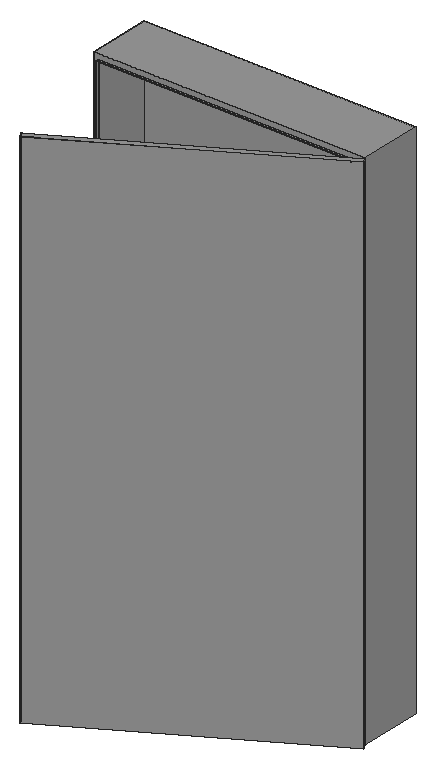
Revit family "Hager-Univers-IP44-D205-H1550-Cl.II-Encl-NoHosted-SE-en", category Equipement électrique, Revit 2020
Family settings
  Configuration du panneau = Deux colonnes, circuits au sein
  Cote de connecteur circulaire = Utiliser le diamètre
  Type d'élément = Tableau de raccordement
  Basée sur le plan de construction = Oui
  Toujours verticalement = Oui
  Couper avec des vides une fois chargée = Non
  Partagée = Non
  Point de calcul de pièce = Non
Parameters (values of type "Surface mounted (plaster) IP44 W800 H1550 D205  - FP03SN2")
  Width Control [instance] = if([EF000008 - Width] > Min Width, [EF000008 - Width], Min Width)  # 800 mm
  Commentaires du type = [HG000003 - Range]  # "Univers"
  Thickness Door [instance] = if([EF009171 - Material plate thickness door/cover] > 3 mm, 3 mm, [EF009171 - Material plate thickness door/cover])  # 1 mm
  Seal Frame Offset [instance] = 17 mm  # constant formula
  Plinth Visibility [instance] = [HG000027 - Plinth height] > 0 mm  # no
  Min Width [instance] = 100 mm  # constant formula
  Min Depth [instance] = (2 * [EF009170 - Material plate thickness cabinet]) + 1 mm  # 3 mm
  Min Height [instance] = 100 mm  # constant formula
  Internal Frame Depth [instance] = (Door System Depth * 0.5)  # 9 mm
  Panel Name [instance] = ""  # (empty or 0)
  Model = ""
  HG000027 - Plinth height = 0 mm
  HG000026 - Floor standing = no
  HG000024 - Bottom section height = 600 mm
  HG000023 - Double section enclosure = no
  HG000016 - Door 3d visibility [instance] = yes
  HG000015 - Clearance visibility [instance] = no
  HG000014 - Door on the right [instance] = yes
  HG000013 - Door on the left [instance] = not([HG000014 - Door on the right])  # no
  HG000012 - Door swing angle [instance] = 30.00°
  HG000010 - Asymmetric doors = no
  HG000009 - Double swing door = no
  HG000006 - Flush mounted = no
  HG000004 - Manufacturer reference = "FP03SN2"
  HG000003 - Range = "Univers"
  HG000002 - With door or cover = yes
  Frame Offset Bottom [instance] = 10 mm  # constant formula
  Frame Offset [instance] = 15 mm  # constant formula
  EF015940 - Cover with overpressure release = no
  EF011959 - Degree of protection (NEMA) = ""
  EF009554 - Number of openings for flange plates = 6
  EF009212 - Cover model = "EV000116 - Closed"
  EF009171 - Material plate thickness door/cover = 1 mm
  EF009170 - Material plate thickness cabinet = 1 mm
  EF008873 - Nominal current (In) = 250 A
  EF007800 - Suitable for lightning protection = no
  EF006306 - With lock = no
  EF006244 - Transparent cover/door = no
  EF005474 - Degree of protection (IP) = "EV006418 - IP44"
  EF004464 - Type of door = "EV002646 - Single"
  EF004427 - Number of modules = 360
  EF004293 - Impact strength = "EV006815 - IK09"
  EF003532 - Suitable for outdoor use = no
  EF002950 - Width in number of modular spacings = 36
  EF001613 - Circuit integrity = "EV000494 - None"
  EF001596 - Material housing = "EV000179 - Steel"
  EF001131 - Internal depth = 143 mm
  EF001088 - Extension possible = yes
  EF000437 - Number of conduit inlets = 6
  EF000339 - Type of cover = "EV001012 - Cover"
  EF000266 - Number of rows = 10
  EF000218 - Built-in depth = 205 mm
  EF000118 - With mounting plate = no
  EF000116 - RAL-number = "9010"
  EF000049 - Depth = 205 mm
  EF000040 - Height = 1550 mm
  EF000008 - Width = 800 mm
  EF000007 - Colour = "EV000202 - White"
  EF000003 - Mounting method = "EV000384 - Surface mounted (plaster)"
  Door System Leaf Tolerance [instance] = 1.5 mm  # constant formula
  Door System Depth [instance] = 18 mm  # constant formula
  Door Height [instance] = Height Control - [HG000027 - Plinth height]  # 1550 mm
  Description = ""
  Default Elevation = 1219.2 mm
  Connector Offset [instance] = Height Control / 2  # 775 mm
  Fabricant = "Hager"  # constant formula
  Height Control [instance] = if([EF000040 - Height] > Min Height, [EF000040 - Height], Min Height)  # 1550 mm
  Depth Control [instance] = if([EF000049 - Depth] > Min Depth, [EF000049 - Depth], Min Depth)  # 205 mm
  Bottom Top Plate Trim [instance] = 1.5 mm  # constant formula
  Plinth height Ctrl [instance] = if([HG000027 - Plinth height] > 0 mm, [HG000027 - Plinth height], 12 mm)  # 12 mm
Types (5, lengths in mm): name | Width Control | HG000009 - Double swing door | HG000004 - Manufacturer reference | EF009554 - Number of openings for flange plates | EF008873 - Nominal current (In) | EF004464 - Type of door | EF004427 - Number of modules | EF002950 - Width in number of modular spacings | EF001131 - Internal depth | EF000437 - Number of conduit inlets | EF000008 - Width
  Surface mounted (plaster) IP44 W1050 H1550 D205  - FP04SN2 | 1050 | yes | "FP04SN2" | 8 | 400 A | "EV003602 - Double" | 480 | 48 | 143 | 8 | 1050
  Surface mounted (plaster) IP44 W1300 H1550 D205  - FP05SN2 | 1300 | yes | "FP05SN2" | 10 | 400 A | "EV003602 - Double" | 600 | 60 | 143 | 10 | 1300
  Surface mounted (plaster) IP44 W300 H1550 D205  - FP01SN2 | 300 | no | "FP01SN2" | 2 | 250 A | "EV002646 - Single" | 120 | 12 | 130 | 2 | 300
  Surface mounted (plaster) IP44 W550 H1550 D205  - FP02SN2 | 550 | no | "FP02SN2" | 4 | 250 A | "EV002646 - Single" | 240 | 24 | 143 | 4 | 550
  Surface mounted (plaster) IP44 W800 H1550 D205  - FP03SN2 | 800 | no | "FP03SN2" | 6 | 250 A | "EV002646 - Single" | 360 | 36 | 143 | 6 | 800
Reference planes
  plane 1 "Center (Front/Back)": y = 0
  plane 2: z = 0
  plane 3 "Center (Left/Right)": x = 0
  plane 4: y = 0
  plane 5: y = 0
  plane 6: z = 0
  plane 7: x = -400
  plane 8: x = 400
  plane 9: x = 399
  plane 10: x = -399
  plane 11: z = 0
  plane 12: z = 1
  plane 13: y = -205
  plane 14: y = -1
  plane 15: x = 0
  plane 16: y = -187
  plane 17: y = -204
  plane 18: y = -186
  plane 19: x = -384
  plane 20: x = 384
  plane 21: z = 11
  plane 22: x = -383
  plane 23: x = 383
  plane 24: z = 0
  plane 25: z = 1550
  plane 26: z = 1550
  plane 27: z = 1534
  plane 28: z = 1549
Forms (mm)
  Extrusion 1, solid, material "Hager_Steel_RAL7035_Light_Grey", detail levels medium+fine
    sketch origin (-208.679, -4572, 0) x (-1, 0, 0) y (0, -1, 0)
      loop
        line (191.321, -4385) -> (-608.679, -4385) -> (-608.679, -4572) -> (191.321, -4572) -> (191.321, -4385)
    from 0 to 1550
  Extrusion 2, void
    sketch origin (-350.771, -205, 1219.2) x (1, 0, 0) y (0, 0, 1)
      loop
        line (-48.229, 329.8) -> (-48.229, -1218.2) -> (749.771, -1218.2) -> (749.771, 329.8) -> (-48.229, 329.8)
    from -19 to -204
  Extrusion 3, void
    sketch origin (-290.084, -187, 1219.2) x (1, 0, 0) y (0, 0, 1)
      loop
        line (-93.916, -1208.2) -> (674.084, -1208.2) -> (674.084, 314.8) -> (-93.916, 314.8) -> (-93.916, -1208.2)
    from 0 to -1
  Extrusion 4, solid, material "Hager_Steel_RAL7035_Light_Grey", visible <- "Plinth Visibility", detail levels medium+fine
    sketch origin (0, 0, 0) x (1, 0, 0) y (0, 1, 0)
      loop
        line (-400, 0) -> (-400, -187) -> (400, -187) -> (400, 0) -> (-400, 0)
    from 0 to 12 <- "Plinth height Ctrl"
  Extrusion 5, solid, material "Hager_Steel_RAL7035_Light_Grey", detail levels coarse
    sketch origin (0, 0, 0) x (1, 0, 0) y (0, 1, 0)
      loop
        line (-400, 0) -> (-400, -205) -> (400, -205) -> (400, 0) -> (-400, 0)
    from 0 to 1550 <- "Height Control"
  Sweep 6, void
    path in 3D
      loop
        line (-400, -187, 12) -> (400, -187, 12) -> (400, 0, 12) -> (-400, 0, 12) -> (-400, -187, 12)
    profile origin (-400, -93.5, 12) x (1, 0, 0) y (0, 0, 1)
      loop
        line (0, 0) -> (0, -1.5) -> (1.5, -1.5)
        arc (1.5, -1.5) -> (1.061, -0.439) -> (0, 0) r 1.5
  Extrusion 7, solid, material "Hager_Steel_RAL7035_Light_Grey", detail levels fine
    sketch origin (-400, -187, 0) x (1, 0, 0) y (0, 0, 1)
      loop
        line (16, 11) -> (784, 11) -> (784, 1534) -> (16, 1534) -> (16, 11)
      loop
        line (15, 10) -> (785, 10) -> (785, 1535) -> (15, 1535) -> (15, 10)
    from 0 to 9 <- "Internal Frame Depth"
Cuts and joins
  Extrusion 2, Extrusion 3 cuts Extrusion 1
  Sweep 6 cuts Extrusion 4
Lines and regions (mm)
  Masking region 1
    outline origin (0, 0, 0) x (1, 0, 0) y (0, 1, 0)
      loop
        line (-400, 0) -> (-400, -205) -> (400, -205) -> (400, 0) -> (-400, 0)
  Masking region 2, detail levels coarse
    outline origin (-290.084, -187, 1219.2) x (-1, 0, 0) y (0, 0, 1)
      loop
        line (-690.084, -1219.2) -> (109.916, -1219.2) -> (109.916, 330.8) -> (-690.084, 330.8) -> (-690.084, -1219.2)
  Masking region 3, detail levels coarse
    outline origin (0, 0, 0) x (0, 1, 0) y (0, 0, 1)
      loop
        line (0, 0) -> (0, 1550) -> (-205, 1550) -> (-205, 0) -> (0, 0)
  Masking region 4, visible <- "Plinth Visibility", detail levels medium+fine
    outline origin (0, 0, 0) x (0, 1, 0) y (0, 0, 1)
      loop
        line (-1.5, 12) -> (-185.5, 12)
        arc (-185.5, 12) -> (-185.939, 10.939) -> (-187, 10.5) r 1.5
        line (-187, 10.5) -> (-187, 0) -> (0, 0) -> (0, 10.5)
        arc (0, 10.5) -> (-1.061, 10.939) -> (-1.5, 12) r 1.5
  Masking region 5, detail levels medium+fine
    outline origin (0, 0, 594.038) x (0, 1, 0) y (0, 0, 1)
      loop
        line (0, -594.038) -> (0, 955.962) -> (-187, 955.962) -> (-187, -594.038) -> (0, -594.038)
  Masking region 6, detail levels medium+fine
    outline origin (-359.7, -187, 1211.883) x (-1, 0, 0) y (0, 0, 1)
      loop
        line (-759.7, -1211.883) -> (40.3, -1211.883) -> (40.3, 338.117) -> (-759.7, 338.117) -> (-759.7, -1211.883)
  Masking region 7, visible <- "Plinth Visibility", detail levels medium+fine
    outline origin (-320.334, -187, 1041.368) x (-1, 0, 0) y (0, 0, 1)
      loop
        line (-720.334, -1041.368) -> (79.666, -1041.368) -> (79.666, -1030.868)
        arc (79.666, -1030.868) -> (78.606, -1030.429) -> (78.166, -1029.368) r 1.5
        line (78.166, -1029.368) -> (-718.834, -1029.368)
        arc (-718.834, -1029.368) -> (-719.273, -1030.429) -> (-720.334, -1030.868) r 1.5
        line (-720.334, -1030.868) -> (-720.334, -1041.368)
  sketch lines
    curve 1: line (-400, 0, 12) -> (-400, -187, 12)
    curve 2: line (-400, -187, 12) -> (400, -187, 12)
    curve 3: line (400, 0, 12) -> (-400, 0, 12)
    curve 4: line (400, -187, 12) -> (400, 0, 12)
Dimensions and locks
  locked: plane 1 "Center (Front/Back)" to plane 5
  "EF009170 - Material plate thickness cabinet": plane 7 to plane 10
  "EF009170 - Material plate thickness cabinet": plane 8 to plane 9
  equal spacing: plane 7, plane 3 "Center (Left/Right)", plane 8
  "Width Control": plane 7 to plane 8
  "Depth Control": plane 4 to plane 13
  "EF009170 - Material plate thickness cabinet": plane 4 to plane 14
  "Height Control": plane 25 to level
  "HG000027 - Plinth height": plane 11 to level
  "EF009170 - Material plate thickness cabinet": plane 12 to plane 11
  "EF009170 - Material plate thickness cabinet": plane 17 to plane 13
  "EF009170 - Material plate thickness cabinet": plane 18 to plane 16
  "Frame Offset Bottom": plane 21 to plane 12
  "Frame Offset": plane 10 to plane 19
  "Frame Offset": plane 9 to plane 20
  "Door System Depth": plane 16 to plane 13
  "Seal Frame Offset": plane 7 to plane 22
  "Seal Frame Offset": plane 8 to plane 23
  "EF009170 - Material plate thickness cabinet": plane 26 to plane 28
  "Frame Offset": plane 28 to plane 27
  "Connector Offset": plane 2 to connector elem
  "Bottom Top Plate Trim": profile plane to Sweep 6 sketch curve
  "Bottom Top Plate Trim": Sweep 6 sketch curve to Sweep 6 sketch curve
  "Plinth height Ctrl": Masking region 4 sketch curve to level
  "Plinth height Ctrl": Masking region 7 sketch curve to level
  "Thickness Door": Extrusion 7 sketch curve to Extrusion 7 sketch curve  (x4)
  "Bottom Top Plate Trim": radius of Sweep 6 sketch curve
  "Bottom Top Plate Trim": radius of Masking region 4 sketch curve  (x2)
  "Bottom Top Plate Trim": radius of Masking region 7 sketch curve  (x2)
  aligned and locked: Extrusion 2 sketch curve to plane 12
  aligned and locked: Extrusion 2 sketch curve to plane 9
  aligned and locked: Extrusion 2 sketch curve to plane 10
  aligned and locked: Extrusion 2 to plane 14
  aligned and locked: Extrusion 1 sketch curve to plane 4
  aligned and locked: plane 8 to Extrusion 1 sketch curve
  aligned and locked: plane 7 to Extrusion 1 sketch curve
  aligned and locked: Extrusion 2 to plane 18
  aligned and locked: Extrusion 3 sketch curve to plane 19
  aligned and locked: plane 20 to Extrusion 3 sketch curve
  aligned and locked: Extrusion 3 to Extrusion 2
  aligned and locked: Extrusion 3 sketch curve to plane 21
  aligned and locked: plane 3 "Center (Left/Right)" to nested 1
  aligned and locked: Extrusion 1 sketch curve to plane 16
  aligned and locked: Extrusion 4 sketch curve to cut or joined group of Extrusion 1, Extrusion 2, Extrusion 3
  aligned and locked: Masking region 1 sketch curve to plane 7
  aligned and locked: Masking region 1 sketch curve to plane 5
  aligned and locked: Masking region 1 sketch curve to plane 8
  aligned and locked: Masking region 2 sketch curve to level
  aligned and locked: level to Masking region 3 sketch curve
  aligned and locked: plane 1 "Center (Front/Back)" to Masking region 3 sketch curve
  aligned and locked: plane 13 to Masking region 3 sketch curve
  aligned and locked: plane 5 to Masking region 4 sketch curve
  aligned and locked: Masking region 2 sketch curve to plane 8
  aligned and locked: Masking region 2 sketch curve to plane 7
  aligned and locked: plane 7 to nested 2
  aligned and locked: nested 2 to plane 5
  aligned and locked: plane 5 to Masking region 5 sketch curve
  aligned and locked: plane 26 to Masking region 5 sketch curve
  aligned and locked: Extrusion 5 sketch curve to plane 8
  aligned and locked: Extrusion 5 sketch curve to plane 7
  aligned and locked: Extrusion 5 sketch curve to plane 5
  aligned and locked: Extrusion 3 sketch curve to plane 27
  aligned and locked: Extrusion 2 sketch curve to plane 28
  aligned and locked: Masking region 2 to plane 25
  aligned and locked: Extrusion 4 to plane 16
  aligned and locked: profile plane to Sweep 6 sketch curve
  aligned and locked: Masking region 5 sketch curve to plane 24
  aligned and locked: level to Masking region 4 sketch curve
  aligned and locked: Masking region 1 to plane 13
  aligned and locked: nested 1 to plane 16
  aligned and locked: Masking region 3 to plane 25
  aligned and locked: plane 16 to Masking region 4 sketch curve
  aligned and locked: Masking region 5 sketch curve to plane 16
  aligned and locked: plane 24 to plane 11
  aligned and locked: plane 26 to plane 25
  aligned and locked: plane 26 to cut or joined group of Extrusion 1, Extrusion 2, Extrusion 3
  aligned and locked: nested 1 to plane 24
  aligned and locked: Extrusion 1 to Extrusion 3
  aligned and locked: Masking region 6 sketch curve to plane 8
  aligned and locked: Masking region 6 sketch curve to plane 24
  aligned and locked: Masking region 6 sketch curve to plane 7
  aligned and locked: Masking region 6 sketch curve to plane 26
  aligned and locked: Masking region 7 sketch curve to plane 7
  aligned and locked: level to Masking region 7 sketch curve
  aligned and locked: Masking region 7 sketch curve to plane 8
  aligned and locked: Extrusion 7 sketch curve to cut or joined group of Extrusion 1, Extrusion 2, Extrusion 3  (x4)
Automatic sketch dimensions
  plane 19 to Extrusion 3 sketch curve = 0 mm
  Extrusion 3 sketch curve to plane 20 = 0 mm
  Extrusion 3 sketch curve to plane 21 = 0 mm
  Extrusion 4 sketch curve to plane 7 = 0 mm
  Extrusion 4 sketch curve to plane 8 = 0 mm
  Extrusion 4 sketch curve to plane 16 = 0 mm
  Masking region 1 sketch curve to plane 13 = 0 mm
  Masking region 2 sketch curve to plane 25 = 0 mm
  Masking region 3 sketch curve to plane 25 = 0 mm
  Extrusion 5 sketch curve to plane 13 = 0 mm
  profile plane to Sweep 6 sketch curve = 0 mm
Nested families
  nested 1: "EC000058_Univers_Door" at (0, -187, 0), Double <- "HG000009 - Double swing door", Transparent <- "EF006244 - Transparent cover/door", Angle <- "HG000012 - Door swing angle", Door_Right <- "HG000014 - Door on the right", Assymetrical <- "HG000010 - Asymmetric doors", Door <- "HG000002 - With door or cover", Width_Ctrl <- "Width Control", 3d_Door <- "HG000016 - Door 3d visibility", Clearance <- "HG000015 - Clearance visibility", Door_Left <- "HG000013 - Door on the left", Width <- "Width Control", Door_Depth <- "Door System Depth", Leaf_Tolerance <- "Door System Leaf Tolerance", Height <- "Door Height", Lock_Visibility <- "EF006306 - With lock", Thickness <- "Thickness Door", type "EC000058_Univers_Door", detail levels medium+fine
    with min_wh 3 mm, Width_Ctrl 800 mm, Width 800 mm, Transparent no, Thickness 1 mm, Seal_Material Hager_Rubber, Lock_Visibility no, Lock_Material Hager_Plastic_RAL9005_Jet_Black, Leaf_Width 800 mm, Leaf_Tolerance_External_Sides 0 mm, Leaf_Tolerance 1.5 mm, Leaf_Offset 0 mm, Leaf_Height 1547 mm, Leaf_2_Width 800 mm, Leaf_2_Offset 400 mm, Leaf_1_Width 800 mm, Leaf_1_Offset 400 mm, Height_Ctrl 1550 mm, Height 1550 mm, Glass_Material Hager_Glass, Double_Clearance_Ctrl no, Double no, Door_Right_Ctrl yes, Door_Right yes, Door_Material Hager_Steel_RAL7035_Light_Grey, Door_Left_Ctrl no, Door_Left no, Door_Depth 18 mm, Door yes, Clearance_Material Hager_Clearance, Clearance_Depth 800 mm, Clearance_Ctrl no, Clearance no, Assymetrical no, Angle 30.00°, 3d_Door yes
  nested 2: "Hager_Enclosure_Symbol" at (-400, 0, 0), Height <- "Depth Control", Width <- "Width Control", type "Hager_Enclosure_Symbol"
    with Width_Ctrl 800 mm, Width 800 mm, Height_Ctrl 205 mm, Height 205 mm, A_Width_Int 13.453 mm, A_Width 161.438 mm, A_Height_Ctrl 179.375 mm, A_Height 179.375 mm
Connectors
  electrical at (0, 0, 775)
    settings: on plane 1 "Center (Front/Back)", index 1, voltage 0 V, apparent load 0 VA, apparent load phase1 0 VA, apparent load phase2 0 VA, apparent load phase3 0 VA, power factor 1, load classification "Other", number of poles 1, system type 30, power factor state 1, is connector primary yes, connector utility no, sub classification motor no, connector description ""
Definition of nested family "EC000058_Univers_Door"
  Parameters (values of type "EC000058_Univers_Door")
    min_wh [instance] = (2 * Thickness) + 1 mm  # 11 mm
    Width_Ctrl [instance] = 400 mm
    Width [instance] = 500 mm
    Transparent [instance] = yes
    Thickness [instance] = 5 mm
    Seal_Material [instance] = none
    Lock_Visibility [instance] = yes
    Lock_Material [instance] = none
    Leaf_Width [instance] = if((Width_Ctrl - 2 * Leaf_Tolerance_External_Sides) > 0 mm, (Width_Ctrl - 2 * Leaf_Tolerance_External_Sides), min_wh)  # 400 mm
    Leaf_Tolerance_External_Sides [instance] = 0 mm  # constant formula
    Leaf_Tolerance [instance] = 1.5 mm
    Leaf_Offset [instance] = 0 mm  # constant formula
    Leaf_Height [instance] = if((Height_Ctrl - 2 * Leaf_Tolerance) > 0 mm, (Height_Ctrl - 2 * Leaf_Tolerance), min_wh)  # 497 mm
    Leaf_2_Width [instance] = if(and(and(Double, Assymetrical), Door_Left), (Leaf_Width / 3) - (Leaf_Tolerance / 2), if(and(and(Double, Assymetrical), Door_Right), (Leaf_Width / 3) * 2 - (Leaf_Tolerance / 2), if(and(Double, not(Assymetrical)), (Leaf_Width / 2) - Leaf_Tolerance, Leaf_Width)))  # 400 mm
    Leaf_2_Offset [instance] = if(and(Double, Assymetrical), Leaf_2_Width / 2, if(and(Double, not(Assymetrical)), Leaf_Width / 4, Leaf_Width / 2))  # 200 mm
    Leaf_1_Width [instance] = if(and(and(Double, Assymetrical), Door_Right), (Leaf_Width / 3) - (Leaf_Tolerance / 2), if(and(and(Double, Assymetrical), Door_Left), (Width / 3) * 2 - (Leaf_Tolerance / 2), if(and(Double, not(Assymetrical)), (Leaf_Width / 2) - Leaf_Tolerance, Leaf_Width)))  # 400 mm
    Leaf_1_Offset [instance] = if(and(Double, Assymetrical), Leaf_1_Width / 2, if(and(Double, not(Assymetrical)), Leaf_Width / 4, Leaf_Width / 2))  # 200 mm
    Height_Ctrl [instance] = if(Height > min_wh, Height, min_wh)  # 500 mm
    Height [instance] = 500 mm
    Glass_Material [instance] = none
    Double_Clearance_Ctrl [instance] = and(Double, Clearance)  # no
    Double [instance] = no
    Door_Right_Ctrl [instance] = and(or(Door_Right, Double), Door)  # yes
    Door_Right [instance] = yes
    Door_Material [instance] = none
    Door_Left_Ctrl [instance] = and(or(Door_Left, Double), Door)  # no
    Door_Left [instance] = no
    Door_Depth [instance] = 30 mm
    Door [instance] = yes
    Default Elevation = 1219.2 mm
    Clearance_Material [instance] = none
    Clearance_Depth [instance] = if(Leaf_1_Width > Leaf_2_Width, Leaf_1_Width, Leaf_2_Width)  # 400 mm
    Clearance_Ctrl [instance] = and(not(Double), Clearance)  # yes
    Clearance [instance] = yes
    Assymetrical [instance] = yes
    Angle [instance] = 30.00°
    3d_Door [instance] = yes
  Reference planes
    plane 1 "Center (Front/Back)": y = 0
    plane 2 "Bottom": z = 0
    plane 3 "Center (Left/Right)": x = 0
    plane 4: z = 500
    plane 5: x = -200
    plane 6: x = 200
    plane 7: z = 500
    plane 8: x = -200
    plane 9: z = 0
    plane 10: x = 200
    plane 11: y = 0
    plane 12: z = 1.5
    plane 13: x = -600
    plane 14: y = -400
    plane 15: x = 600
    plane 16: x = 0
    plane 17: x = 0
    plane 18: x = -200
    plane 19: x = 200
    plane 20: z = 498.5
  Forms (mm)
    Extrusion 1, solid, material <- "Clearance_Material", visible <- "Double_Clearance_Ctrl"
      sketch origin (1200, 0, 0) x (1, 0, 0) y (0, 0, -1)
        loop
          line (-1800, -498.5) -> (-600, -498.5) -> (-600, 0) -> (-1800, 0) -> (-1800, -498.5)
      from 0 to -400
  Dimensions and locks
    equal spacing: plane 5, plane 3 "Center (Left/Right)", plane 6
    "Width_Ctrl": plane 5 to plane 6
    "Leaf_Offset": plane 5 to plane 8
    "Leaf_Offset": plane 6 to plane 10
    "Leaf_Offset": plane 9 to level
    "Leaf_Offset": plane 4 to plane 7
    "Height_Ctrl": plane 4 to level
    "Leaf_Tolerance": plane 12 to plane 9
    locked: plane 11 to plane 1 "Center (Front/Back)"
    "Leaf_1_Offset": plane 18 to plane 16
    "Leaf_2_Offset": plane 17 to plane 19
    "Leaf_1_Width": plane 13 to plane 8
    "Leaf_2_Width": plane 10 to plane 15
    "Clearance_Depth": plane 14 to plane 1 "Center (Front/Back)"
    "Leaf_Tolerance_External_Sides": plane 8 to plane 18
    "Leaf_Tolerance_External_Sides": plane 19 to plane 10
    "Leaf_Tolerance": plane 7 to plane 20
    aligned and locked: level to plane 2 "Bottom"
    aligned and locked: nested 1 to plane 16
    aligned and locked: nested 2 to plane 17
    aligned and locked: Extrusion 1 to plane 13
    aligned and locked: plane 15 to Extrusion 1
    aligned and locked: Extrusion 1 to plane 14
    aligned and locked: plane 12 to nested 1
    aligned and locked: nested 2 to plane 12
    aligned and locked: Extrusion 1 to plane 11
    aligned and locked: plane 20 to Extrusion 1
    aligned and locked: nested 2 to plane 11
    aligned and locked: nested 1 to plane 11
  Automatic sketch dimensions
    Extrusion 1 sketch curve to level = 0 mm
    plane 5 to Extrusion 1 sketch curve = 400 mm
    plane 6 to Extrusion 1 sketch curve = 400 mm
    Extrusion 1 sketch curve to plane 4 = 1.5 mm
  Nested families
    nested 1: "EC000058_Univers_Door_Leaf" at (0, 0, 1.5), Width <- "Leaf_1_Width", visible <- "Door_Left_Ctrl", Leaf_Height <- "Leaf_Height", Angle <- "Angle", 3d_Door <- "3d_Door", Transparent <- "Transparent", Clearance Material <- "Clearance_Material", Clearance <- "Clearance_Ctrl", Door_Material <- "Door_Material", Glass_Material <- "Glass_Material", Door_Depth <- "Door_Depth", Lock_Material <- "Lock_Material", Seal_Material <- "Seal_Material", Lock_Visibility <- "Lock_Visibility", Thickness <- "Thickness", type "EC000058_Univers_Door_Leaf"
      with Width 400 mm, Transparent_Glass_Offset 30 mm, Transparent_Ctrl yes, Transparent yes, Thickness 5 mm, Standard no, Seal_Material none, Seal_D2 8 mm, Seal_D1 1 mm, Offset_Internal_Frame 10 mm, Lock_Width 20 mm, Lock_Visibility_3d yes, Lock_Visibility yes, Lock_Thickness_3 3 mm, Lock_Thickness_2 1 mm, Lock_Thickness_1 3 mm, Lock_Radius_Offset_2 16 mm, Lock_Radius_Offset_1 15 mm, Lock_Radius_2 5 mm, Lock_Radius 6 mm, Lock_Offset 5 mm, Lock_Material none, Lock_Height 80 mm, Lock_Cover_Top_Offset_2d 17 mm, Lock_Cover_Height -65 mm, Leaf_Height 497 mm, Internal_Seal_Thickness 8 mm, Internal_Seal_Depth_2 4.5 mm, Internal_Frame_Depth 25 mm, Glass_Thickness -1 mm, Glass_Offset -2 mm, Glass_Material none, Door_Material none, Door_Depth 30 mm, Clearance Material none, Clearance yes, Angle_Ctrl 30.00°, Angle 30.00°, 3d_Door yes
    nested 2: "EC000058_Univers_Door_Leaf" at (0, 0, 1.5) x (-1, 0, 0) z (0, 0, 1), Width <- "Leaf_2_Width", visible <- "Door_Right_Ctrl", Leaf_Height <- "Leaf_Height", Angle <- "Angle", 3d_Door <- "3d_Door", Transparent <- "Transparent", Clearance Material <- "Clearance_Material", Clearance <- "Clearance_Ctrl", Door_Material <- "Door_Material", Glass_Material <- "Glass_Material", Door_Depth <- "Door_Depth", Lock_Material <- "Lock_Material", Seal_Material <- "Seal_Material", Lock_Visibility <- "Lock_Visibility", Thickness <- "Thickness", type "EC000058_Univers_Door_Leaf"
      with Width 400 mm, Transparent_Glass_Offset 30 mm, Transparent_Ctrl yes, Transparent yes, Thickness 5 mm, Standard no, Seal_Material none, Seal_D2 8 mm, Seal_D1 1 mm, Offset_Internal_Frame 10 mm, Lock_Width 20 mm, Lock_Visibility_3d yes, Lock_Visibility yes, Lock_Thickness_3 3 mm, Lock_Thickness_2 1 mm, Lock_Thickness_1 3 mm, Lock_Radius_Offset_2 16 mm, Lock_Radius_Offset_1 15 mm, Lock_Radius_2 5 mm, Lock_Radius 6 mm, Lock_Offset 5 mm, Lock_Material none, Lock_Height 80 mm, Lock_Cover_Top_Offset_2d 17 mm, Lock_Cover_Height -65 mm, Leaf_Height 497 mm, Internal_Seal_Thickness 8 mm, Internal_Seal_Depth_2 4.5 mm, Internal_Frame_Depth 25 mm, Glass_Thickness -1 mm, Glass_Offset -2 mm, Glass_Material none, Door_Material none, Door_Depth 30 mm, Clearance Material none, Clearance yes, Angle_Ctrl 30.00°, Angle 30.00°, 3d_Door yes
  Definition of nested family "EC000058_Univers_Door_Leaf"
    Parameters (values of type "EC000058_Univers_Door_Leaf")
      Width [instance] = 2000 mm
      Transparent_Glass_Offset [instance] = 30 mm
      Transparent_Ctrl [instance] = and(Transparent, [3d_Door])  # yes
      Transparent [instance] = yes
      Thickness [instance] = 5 mm
      Standard [instance] = and(not(Transparent), [3d_Door])  # no
      Seal_Material [instance] = none
      Seal_D2 [instance] = 8 mm  # constant formula
      Seal_D1 [instance] = 1 mm  # constant formula
      Offset_Internal_Frame [instance] = 10 mm  # constant formula
      Lock_Width [instance] = 20 mm  # constant formula
      Lock_Visibility_3d [instance] = and(Lock_Visibility, [3d_Door])  # yes
      Lock_Visibility [instance] = yes
      Lock_Thickness_3 [instance] = 3 mm  # constant formula
      Lock_Thickness_2 [instance] = 1 mm  # constant formula
      Lock_Thickness_1 [instance] = 3 mm  # constant formula
      Lock_Radius_Offset_2 [instance] = Lock_Radius_Offset_1 + 1 mm  # 16 mm
      Lock_Radius_Offset_1 [instance] = 15 mm  # constant formula
      Lock_Radius_2 [instance] = Lock_Radius - 1 mm  # 5 mm
      Lock_Radius [instance] = 6 mm  # constant formula
      Lock_Offset [instance] = 5 mm  # constant formula
      Lock_Material [instance] = none
      Lock_Height [instance] = 80 mm  # constant formula
      Lock_Cover_Top_Offset_2d [instance] = Lock_Radius_Offset_2 + 1 mm  # 17 mm
      Lock_Cover_Height [instance] = -(Lock_Height - Lock_Radius_Offset_1)  # -65 mm
      Leaf_Height [instance] = 2720.336 mm
      Internal_Seal_Thickness [instance] = 8 mm  # constant formula
      Internal_Seal_Depth_2 [instance] = 4.5 mm  # constant formula
      Internal_Frame_Depth [instance] = if(Door_Depth - Thickness > 5 mm, Door_Depth - Thickness, 5 mm)  # 25 mm
      Glass_Thickness [instance] = if(Thickness > 15 mm, Glass_Offset + 10 mm, -1 mm)  # -1 mm
      Glass_Offset [instance] = if(Thickness > 15 mm, -(Thickness + 10 mm) / 2, -2 mm)  # -2 mm
      Glass_Material [instance] = none
      Door_Material [instance] = none
      Door_Depth [instance] = 30 mm
      Default Elevation = 0 mm
      Clearance Material [instance] = none
      Clearance [instance] = yes
      Angle_Ctrl [instance] = if(Angle > 180.00°, 180.00°, Angle)  # 90.00°
      Angle [instance] = 90.00°
      3d_Door [instance] = yes
    Reference planes
      plane 1 "Center (Front/Back)": y = 0
      plane 2: z = 0
      plane 3 "Center (Left/Right)": x = 0
      plane 4: y = 2000
      plane 5: x = -1000
      plane 6: x = 1000
      plane 7: x = -3000
      plane 8: z = 2720.336
      plane 9: z = 30
      plane 10: z = 2690.336
      plane 11: x = 970
      plane 12: x = -970
      plane 13: y = -3
      plane 14: z = 107.833
      plane 15: y = -5
      plane 16: y = -223.314
      plane 17: x = -1000
      plane 18: z = 1360.168
      plane 19: y = 30
    Forms (mm)
      Extrusion 1, solid, material <- "Clearance Material", visible <- "Clearance"
        sketch origin (0, 0, 0) x (1, 0, 0) y (0, 0, 1)
          loop
            line (-3000, 2720.336) -> (-3000, 0) -> (1000, 0) -> (1000, 2720.336) -> (-3000, 2720.336)
        from 0 to -2000
      Extrusion 2, solid, material <- "Door_Material", visible <- "Standard", detail levels medium+fine
        sketch origin (-1000, 0, 0) x (0, 1, 0) y (-1, 0, 0)
          loop
            line (0, 30) -> (0, 25) -> (2000, 25) -> (2000, 30) -> (0, 30)
        from 0 to 2720.336 <- "Leaf_Height"
      Extrusion 3, solid, material <- "Door_Material", visible <- "Transparent_Ctrl", detail levels medium+fine
        sketch origin (-1000, 0, 0) x (0, 1, 0) y (-1, 0, 0)
          loop
            line (0, 25) -> (2000, 25) -> (2000, 30) -> (0, 30) -> (0, 25)
        from 0 to 2720.336 <- "Leaf_Height"
      Extrusion 4, void
        sketch origin (-1025, 2000, 0) x (0, 1, 0) y (0, 0, -1)
          loop
            line (-30, -2690.336) -> (-30, -30) -> (-1970, -30) -> (-1970, -2690.336) -> (-30, -2690.336)
        from 0 to 5 <- "Thickness"
      Sweep 5, solid, material <- "Seal_Material", visible <- "Transparent_Ctrl", detail levels fine
        path in 3D
          loop
            line (-1025, 30, 30) -> (-1025, 30, 2690.336) -> (-1025, 1970, 2690.336) -> (-1025, 1970, 30) -> (-1025, 30, 30)
        profile origin (-1025, 1000, 30) x (1, 0, 0) y (0, 0, 1)
          loop
            line (0, 0) -> (0, -8) -> (1, -8) -> (1, 0) -> (0, 0)
      Extrusion 6, solid, material <- "Glass_Material", visible <- "Transparent_Ctrl", detail levels medium+fine
        sketch origin (-1030, 0, 0) x (0, 1, 0) y (0, 0, -1)
          loop
            line (1970, -2690.336) -> (1970, -30) -> (30, -30) -> (30, -2690.336) -> (1970, -2690.336)
        from -2 <- "Glass_Offset" to -1 <- "Glass_Thickness"
      Extrusion 7, solid, material <- "Door_Material", visible <- "3d_Door", detail levels medium+fine
        sketch origin (-1025, 2000, 0) x (0, -1, 0) y (0, 0, -1)
          loop
            line (0, -2720.336) -> (2000, -2720.336) -> (2000, 0) -> (0, 0) -> (0, -2720.336)
          loop
            line (1995, -5) -> (5, -5) -> (5, -2715.336) -> (1995, -2715.336) -> (1995, -5)
        from 0 to 25 <- "Internal_Frame_Depth"
      Sweep 8, solid, material <- "Seal_Material", visible <- "Transparent_Ctrl", detail levels fine
        path in 3D
          loop
            line (-1025, 0, 0) -> (-1025, 2000, 0) -> (-1025, 2000, 2720.336) -> (-1025, 0, 2720.336) -> (-1025, 0, 0)
        profile origin (-1025, 0, 1360.168) x (1, 0, 0) y (0, 1, 0)
          loop
            line (0, 10) -> (2.975, 10)
            arc (2.975, 10) -> (4.053, 10.447) -> (4.5, 11.525) r 1.525
            line (4.5, 11.525) -> (4.5, 16.527)
            arc (4.5, 16.527) -> (4.069, 17.569) -> (3.027, 18) r 1.473
            line (3.027, 18) -> (0, 18) -> (0, 10)
      Extrusion 9, solid, material <- "Lock_Material", visible <- "Lock_Visibility_3d", detail levels fine
        sketch origin (-1030, 0, 0) x (0, 1, 0) y (0, 0, -1)
          loop
            arc (1993.5, -1400.168) -> (1994.561, -1399.729) -> (1995, -1398.668) r 1.5
            line (1995, -1398.668) -> (1995, -1320.168) -> (1975, -1320.168) -> (1975, -1398.668)
            arc (1975, -1398.668) -> (1975.439, -1399.729) -> (1976.5, -1400.168) r 1.5
            line (1976.5, -1400.168) -> (1993.5, -1400.168)
        from 3 <- "Lock_Thickness_1" to 0
      Blend 10, solid, material <- "Lock_Material", visible <- "Lock_Visibility_3d", detail levels fine
        base sketch origin (-1033, 0, 0) x (0, 1, 0) y (0, 0, -1)
          loop
            line (1975, -1320.168) -> (1975, -1398.668)
            arc (1975, -1398.668) -> (1975.439, -1399.729) -> (1976.5, -1400.168) r 1.5
            line (1976.5, -1400.168) -> (1993.5, -1400.168)
            arc (1993.5, -1400.168) -> (1994.561, -1399.729) -> (1995, -1398.668) r 1.5
            line (1995, -1398.668) -> (1995, -1320.168) -> (1975, -1320.168)
        top sketch origin (-1033, 0, 0) x (0, 1, 0) y (0, 0, -1)
          loop
            line (1976, -1320.168) -> (1976, -1398.668)
            arc (1976, -1398.668) -> (1976.146, -1399.022) -> (1976.5, -1399.168) r 0.5
            line (1976.5, -1399.168) -> (1993.5, -1399.168)
            arc (1993.5, -1399.168) -> (1993.854, -1399.022) -> (1994, -1398.668) r 0.5
            line (1994, -1398.668) -> (1994, -1320.168) -> (1976, -1320.168)
        from 0 to 1 <- "Lock_Thickness_2"
      Blend 11, solid, material <- "Lock_Material", visible <- "Lock_Visibility_3d", detail levels fine
        base sketch origin (-1034, 0, 0) x (0, 1, 0) y (0, 0, -1)
          loop
            line (1978, -1320.168) -> (1978, -1384.168)
            arc (1978, -1384.168) -> (1985, -1391.168) -> (1992, -1384.168) r 7
            line (1992, -1384.168) -> (1992, -1320.168) -> (1978, -1320.168)
        top sketch origin (-1034, 0, 0) x (0, 1, 0) y (0, 0, -1)
          loop
            line (1991, -1320.168) -> (1979, -1320.168) -> (1979, -1383.168)
            arc (1979, -1383.168) -> (1985, -1389.168) -> (1991, -1383.168) r 6
            line (1991, -1383.168) -> (1991, -1320.168)
        from 0 to 3 <- "Lock_Thickness_3"
      Extrusion 12, solid, material <- "Lock_Material", visible <- "Lock_Visibility_3d", detail levels fine
        sketch origin (-1030, 1975, 1320.168) x (1, 0, 0) y (0, -1, 0)
          loop
            line (-7, -19) -> (-7, -1) -> (0, -1) -> (0, 0) -> (-8, 0) -> (-8, -20) -> (0, -20) -> (0, -19) -> (-7, -19)
        from 0 to -65 <- "Lock_Cover_Height"
      Extrusion 13, void
        sketch origin (-1038, 1995, 1320.168) x (-1, 0, 0) y (0, 0, -1)
          loop
            line (-5, -65) -> (0, -65) -> (-5, -60) -> (-5, -65)
        from 0 to 20 <- "Lock_Width"
      Extrusion 14, void
        sketch origin (-1038, 1975, 1320.168) x (0, -1, 0) y (0, 0, -1)
          loop
            circle (-10, -15.995) r 6
          loop
            circle (-10, -15.995) r 5
        from 0 to 2
      Extrusion 15, solid, material <- "Lock_Material", visible <- "Lock_Visibility_3d", detail levels medium
        sketch origin (-1030, 0, 0) x (0, 1, 0) y (0, 0, -1)
          loop
            arc (1993.5, -1400.168) -> (1994.561, -1399.729) -> (1995, -1398.668) r 1.5
            line (1995, -1398.668) -> (1995, -1320.168) -> (1975, -1320.168) -> (1975, -1398.668)
            arc (1975, -1398.668) -> (1975.439, -1399.729) -> (1976.5, -1400.168) r 1.5
            line (1976.5, -1400.168) -> (1993.5, -1400.168)
        from 8 to 0
    Cuts and joins
      Extrusion 4 cuts Extrusion 3
      Extrusion 13, Extrusion 14 cuts Extrusion 9
      Extrusion 14 cuts Blend 11
      Extrusion 13, Extrusion 14 cuts Extrusion 12
      joined: Extrusion 9, Blend 10, Blend 11, Extrusion 12
      Extrusion 14 cuts Extrusion 15
    Lines and regions (mm)
      Masking region 1, visible <- "Lock_Visibility", detail levels fine
        outline origin (0, 0, 0) x (0, 1, 0) y (0, 0, 1)
          loop
            line (30, 1320.168) -> (33, 1320.168) -> (33, 1400.168) -> (30, 1400.168) -> (30, 1320.168)
      Masking region 2, visible <- "Lock_Visibility", detail levels fine
        outline origin (0, 3.143, 0) x (0, 1, 0) y (0, 0, 1)
          loop
            line (29.857, 1354.168) -> (30.857, 1354.168) -> (30.857, 1366.168) -> (29.857, 1366.168) -> (29.857, 1354.168)
      Masking region 3, detail levels medium+fine
        outline origin (0, 0, 0) x (0, 1, 0) y (0, 0, 1)
          loop
            line (0, 0) -> (30, 0) -> (30, 2720.336) -> (0, 2720.336) -> (0, 0)
      Masking region 4, detail levels medium+fine
        outline origin (0, 0, 0) x (1, 0, 0) y (0, 0, 1)
          loop
            line (-1000, 2720.336) -> (-1000, 0) -> (1000, 0) -> (1000, 2720.336) -> (-1000, 2720.336)
      Masking region 5, visible <- "Lock_Visibility", detail levels fine
        outline origin (-47.116, 0, 0) x (1, 0, 0) y (0, 0, 1)
          loop
            arc (1024.616, 1399.168) -> (1023.556, 1398.729) -> (1023.116, 1397.668) r 1.5
            line (1023.116, 1397.668) -> (1023.116, 1320.168) -> (1041.116, 1320.168) -> (1041.116, 1397.668)
            arc (1041.116, 1397.668) -> (1040.677, 1398.729) -> (1039.616, 1399.168) r 1.5
            line (1039.616, 1399.168) -> (1024.616, 1399.168)
      Masking region 6, visible <- "Lock_Visibility", detail levels medium+fine
        outline origin (-25, 0, 0) x (1, 0, 0) y (0, 0, 1)
          loop
            arc (1001.5, 1400.168) -> (1000.439, 1399.729) -> (1000, 1398.668) r 1.5
            line (1000, 1398.668) -> (1000, 1320.168) -> (1020, 1320.168) -> (1020, 1398.668)
            arc (1020, 1398.668) -> (1019.561, 1399.729) -> (1018.5, 1400.168) r 1.5
            line (1018.5, 1400.168) -> (1001.5, 1400.168)
      Masking region 7, visible <- "Lock_Visibility", detail levels fine
        outline origin (-73.735, 0, 0) x (1, 0, 0) y (0, 0, 1)
          loop
            line (1051.735, 1382.168) -> (1065.735, 1382.168) -> (1065.735, 1384.168)
            arc (1065.735, 1384.168) -> (1058.735, 1391.168) -> (1051.735, 1384.168) r 7
            line (1051.735, 1384.168) -> (1051.735, 1382.168)
      Masking region 8, visible <- "Lock_Visibility", detail levels fine
        outline origin (-73.735, 0, 0) x (1, 0, 0) y (0, 0, 1)
          loop
            line (1052.735, 1382.168) -> (1064.735, 1382.168) -> (1064.735, 1383.168)
            arc (1064.735, 1383.168) -> (1058.735, 1389.168) -> (1052.735, 1383.168) r 6
            line (1052.735, 1383.168) -> (1052.735, 1382.168)
      Masking region 9, visible <- "Lock_Visibility", detail levels fine
        outline origin (-25, 0, 0) x (1, 0, 0) y (0, 0, 1)
          loop
            line (1020, 1320.168) -> (1020, 1382.168) -> (1000, 1382.168) -> (1000, 1320.168) -> (1020, 1320.168)
      Masking region 10, detail levels medium+fine
        outline origin (0, 0, 0) x (1, 0, 0) y (0, 0, 1)
          loop
            circle (985, 1335.144) r 6
      Masking region 11, detail levels fine
        outline origin (0, 0, 0) x (1, 0, 0) y (0, 0, 1)
          loop
            circle (985, 1335.144) r 5
      Masking region 12, visible <- "Lock_Visibility", detail levels fine
        outline origin (0, 12.767, 0) x (0, 1, 0) y (0, 0, 1)
          loop
            line (20.233, 1320.168) -> (21.233, 1320.168) -> (21.233, 1399.168) -> (20.233, 1400.168) -> (20.233, 1320.168)
      Masking region 13, visible <- "Lock_Visibility", detail levels fine
        outline origin (0, 13.767, -10) x (0, 1, 0) y (0, 0, 1)
          loop
            line (20.233, 1330.168) -> (23.233, 1330.168) -> (23.233, 1399.168) -> (20.233, 1402.168) -> (20.233, 1330.168)
      Masking region 14, visible <- "Lock_Visibility", detail levels fine
        outline origin (0, 12.767, -10) x (0, 1, 0) y (0, 0, 1)
          loop
            line (20.233, 1330.168) -> (25.233, 1330.168) -> (25.233, 1399.305) -> (20.233, 1394.305) -> (20.233, 1330.168)
      Masking region 15, visible <- "Lock_Visibility", detail levels medium
        outline origin (0, 0, 0) x (0, 1, 0) y (0, 0, 1)
          loop
            line (30, 1320.168) -> (38, 1320.168) -> (38, 1400.168) -> (30, 1400.168) -> (30, 1320.168)
      Masking region 16, visible <- "Lock_Visibility", detail levels fine
        outline origin (-1000, 0, 0) x (0, 1, 0) y (-1, 0, 0)
          loop
            line (1975, 30) -> (1995, 30) -> (1995, 38) -> (1975, 38) -> (1975, 30)
          loop
            line (1979, 37) -> (1976, 37) -> (1976, 34) -> (1978, 34) -> (1979, 37)
          loop
            line (1994, 37) -> (1991, 37) -> (1992, 34) -> (1994, 34) -> (1994, 37)
      Masking region 17, visible <- "Lock_Visibility", detail levels medium
        outline origin (-1000, 0, 0) x (0, 1, 0) y (-1, 0, 0)
          loop
            line (1975, 30) -> (1995, 30) -> (1995, 38) -> (1975, 38) -> (1975, 30)
      symbolic lines
        curve 1: line (1000, 0, 0) -> (-3000, 0, 0)
        curve 2: arc (1000, 0, 0) -> (-1000, 2000, 0) -> (-3000, 0, 0) r 2000
        curve 4: line (-1030, 0, 0) -> (-1030, 2000, 0)
      reference lines
        curve 3: line (-1000, 0, 0) -> (-1000, 2000, 0)
      symbolic lines, detail levels medium+fine
        curve 5: line (-1030, 2000, 0) -> (-1025, 2000, 0)
        curve 7: line (-1025, 0, 0) -> (-1030, 0, 0)
        curve 8: line (-1025, 0, 0) -> (-1000, 0, 0)
        curve 9: line (-1000, 0, 0) -> (-1000, 2000, 0)
        curve 10: line (-1000, 2000, 0) -> (-1025, 2000, 0)
      symbolic lines, detail levels fine
        curve 6: line (-1025, 2000, 0) -> (-1025, 0, 0)
      sketch lines
        curve 11: line (-1025, 0, 2720.336) -> (-1025, 0, 0)
        curve 12: line (-1025, 2000, 0) -> (-1025, 0, 0)
        curve 13: line (-1025, 2000, 2720.336) -> (-1025, 2000, 0)
        curve 14: line (-1025, 0, 2720.336) -> (-1025, 2000, 2720.336)
        curve 15: line (-1025, 1970, 30) -> (-1025, 30, 30)
        curve 16: line (-1025, 30, 30) -> (-1025, 30, 2690.336)
        curve 17: line (-1025, 1970, 2690.336) -> (-1025, 1970, 30)
        curve 18: line (-1025, 30, 2690.336) -> (-1025, 1970, 2690.336)
      symbolic lines, visible <- "Transparent", detail levels medium+fine
        curve 19: line (-970, 0, 2690.336) -> (970, 0, 2690.336)
        curve 20: line (-970, 0, 30) -> (-970, 0, 2690.336)
        curve 21: line (970, 0, 30) -> (-970, 0, 30)
        curve 22: line (970, 0, 2690.336) -> (970, 0, 30)
    Dimensions and locks
      "Width": plane 1 "Center (Front/Back)" to plane 4
      equal spacing: plane 5, plane 3 "Center (Left/Right)", plane 6
      "Width": plane 5 to plane 6
      "Width": plane 7 to plane 5
      "Leaf_Height": plane 8 to level
      "Width": curve 5 to curve 3
      "Width": curve 3 to curve 3
      plane 8 to plane 10 = 30 mm
      plane 9 to level = 30 mm
      plane 12 to plane 5 = 30 mm
      plane 6 to plane 11 = 30 mm
      Extrusion 1 to Extrusion 4 sketch curve = 30 mm
      "Transparent_Glass_Offset": curve 3 to Extrusion 4 sketch curve
      "Transparent_Glass_Offset": Extrusion 4 sketch curve to cut or joined group of Extrusion 3, Extrusion 4  (x2)
      cut or joined group of Extrusion 3, Extrusion 4 to Extrusion 6 sketch curve = 30 mm
      "Transparent_Glass_Offset": cut or joined group of Extrusion 3, Extrusion 4 to Extrusion 4 sketch curve
      "Thickness": curve 6 to curve 4
      "Thickness": Extrusion 7 sketch curve to Extrusion 7 sketch curve  (x4)
      "Door_Depth": curve 4 to curve 3
      "Offset_Internal_Frame": profile plane to Sweep 8 sketch curve
      "Internal_Seal_Thickness": Sweep 8 sketch curve to Sweep 8 sketch curve
      "Internal_Seal_Depth_2": profile plane to Sweep 8 sketch curve
      "Seal_D1": profile plane to Sweep 5 sketch curve
      "Seal_D2": profile plane to Sweep 5 sketch curve
      "Thickness": Extrusion 2 sketch curve to Extrusion 2 sketch curve
      equal spacing: Extrusion 9 sketch curve, plane 18, Extrusion 9 sketch curve  (x2)
      equal spacing: Masking region 1 sketch curve, plane 18, Masking region 1 sketch curve
      "Lock_Height": Masking region 1 sketch curve to Masking region 1 sketch curve
      "Lock_Radius": Masking region 2 sketch curve to plane 18 to Masking region 2 sketch curve
      Masking region 2 sketch curve to Masking region 1 = 1 mm
      "Door_Depth": plane 19 to plane 1 "Center (Front/Back)"
      "Lock_Thickness_1": Masking region 1 sketch curve to plane 19
      "Lock_Width": Extrusion 9 sketch curve to Extrusion 9 sketch curve
      "Lock_Height": Extrusion 9 sketch curve to Extrusion 9 sketch curve
      "Lock_Offset": cut or joined group of Extrusion 3, Extrusion 4 to Extrusion 9 sketch curve
      equal spacing: plane 8, plane 18, level
      "Lock_Radius_Offset_1": Blend 11 sketch curve to Blend 10
      locked: Blend 10 to Blend 11 sketch curve at 2  (x2)
      locked: var sketch to Blend 11 sketch curve at 1  (x2)
      "Lock_Radius_Offset_2": Blend 11 sketch curve to Blend 10
      locked: Extrusion 12 sketch curve to Extrusion 12 sketch curve at 1  (x3)
      Masking region 6 sketch curve to Masking region 6 sketch curve = 80 mm
      "Lock_Height": Masking region 6 sketch curve to Masking region 6 sketch curve
      "Lock_Width": Masking region 6 sketch curve to Masking region 6 sketch curve
      locked: Masking region 6 to Masking region 5 sketch curve at 1  (x3)
      locked: Masking region 5 to Masking region 7 sketch curve at 2  (x2)
      "Lock_Radius_Offset_1": Masking region 5 to Masking region 7 sketch curve
      "Lock_Radius_Offset_2": Masking region 5 to Masking region 8 sketch curve
      locked: Masking region 7 to Masking region 8 sketch curve at 1  (x2)
      "Lock_Cover_Top_Offset_2d": Masking region 5 to Masking region 9 sketch curve
      equal spacing: Masking region 9, Masking region 10 sketch curve, Masking region 9
      equal spacing: Masking region 9, Masking region 11 sketch curve, Masking region 9
      Extrusion 15 sketch curve to Extrusion 15 sketch curve = 80 mm
      "Lock_Width": Extrusion 15 sketch curve to Extrusion 15 sketch curve
      "Lock_Height": Extrusion 15 sketch curve to Extrusion 15 sketch curve
      equal spacing: Extrusion 15 sketch curve, plane 18, Extrusion 15 sketch curve
      "Lock_Thickness_3": Masking region 13 sketch curve to Masking region 13 sketch curve
      "Lock_Height": Masking region 12 sketch curve to Masking region 12 sketch curve
      locked: Masking region 13 sketch curve to Masking region 1 at 8
      locked: Masking region 14 sketch curve to Masking region 13 at 1
      locked: Masking region 14 sketch curve to Masking region 1 at 10.863
      "Lock_Height": Masking region 15 sketch curve to Masking region 15 sketch curve
      "Lock_Offset": Extrusion 15 sketch curve to cut or joined group of Extrusion 3, Extrusion 4
      "Lock_Offset": plane 6 to Masking region 6 sketch curve
      radius of Sweep 8 sketch curve = 1.525 mm
      radius of Sweep 8 sketch curve = 1.473 mm
      radius of Extrusion 9 sketch curve = 1.5 mm  (x2)
      "Lock_Radius": radius of Extrusion 14 sketch curve
      "Lock_Radius_2": radius of Extrusion 14 sketch curve
      "Lock_Radius": radius of Masking region 10 sketch curve
      "Lock_Radius_2": radius of Masking region 11 sketch curve
      radius of Extrusion 15 sketch curve = 1.5 mm  (x2)
      "Angle_Ctrl": angle plane 1 "Center (Front/Back)" to curve 3
      locked: Masking region 12 sketch curve to Masking region 12 sketch curve (angle 45.00°)
      locked: Masking region 13 sketch curve to Masking region 13 sketch curve (angle 45.00°)
      locked: Masking region 14 sketch curve to Masking region 14 sketch curve (angle 45.00°)
      aligned and locked: level to plane 2
      aligned and locked: Extrusion 1 to curve 1
      aligned and locked: plane 6 to Extrusion 1
      aligned and locked: Extrusion 1 to plane 1 "Center (Front/Back)"
      aligned and locked: plane 4 to Extrusion 1
      aligned and locked: plane 8 to Extrusion 1
      aligned and locked: curve 7 to Extrusion 2 sketch curve
      aligned and locked: curve 5 to Extrusion 2 sketch curve
      aligned and locked: curve 7 to Extrusion 3 sketch curve
      aligned and locked: Extrusion 3 sketch curve to curve 4
      aligned and locked: Extrusion 3 sketch curve to curve 6
      aligned and locked: Extrusion 3 sketch curve to curve 5
      aligned and locked: curve 9 to curve 3
      aligned and locked: Extrusion 7 sketch curve to cut or joined group of Extrusion 3, Extrusion 4  (x4)
      aligned and locked: plane 17 to curve 3
      aligned and locked: plane 1 "Center (Front/Back)" to curve 3
      aligned and locked: plane 17 to plane 5
      aligned and locked: Sweep 8 sketch curve to profile plane
      aligned and locked: Sweep 5 sketch curve to profile plane  (x2)
      aligned and locked: Masking region 1 to Masking region 2 sketch curve
      aligned and locked: plane 19 to Masking region 1 sketch curve
      aligned and locked: plane 1 "Center (Front/Back)" to Masking region 3 sketch curve
      aligned and locked: plane 19 to Masking region 3 sketch curve
      aligned and locked: level to Masking region 3 sketch curve
      aligned and locked: Masking region 3 sketch curve to plane 8
      aligned and locked: plane 17 to Masking region 4 sketch curve
      aligned and locked: level to Masking region 4 sketch curve
      aligned and locked: Masking region 4 sketch curve to plane 8
      aligned and locked: plane 12 to curve 20
      aligned and locked: plane 10 to curve 19
      aligned and locked: plane 11 to curve 22
      aligned and locked: curve 21 to plane 9
      aligned and locked: Extrusion 2 sketch curve to cut or joined group of Extrusion 3, Extrusion 4
      aligned and locked: Blend 10 sketch curve to Extrusion 9  (x4)
      aligned and locked: Extrusion 9 to Blend 10 sketch curve
      aligned and locked: Blend 10 to Blend 11 sketch curve
      aligned and locked: Extrusion 12 sketch curve to Blend 11
      aligned and locked: Extrusion 12 sketch curve to Extrusion 9  (x4)
      aligned and locked: Masking region 5 sketch curve to Masking region 6
      aligned and locked: Masking region 9 sketch curve to Masking region 6  (x3)
      aligned and locked: Masking region 12 sketch curve to Masking region 1
      aligned and locked: Masking region 13 sketch curve to Masking region 1
      aligned and locked: Masking region 12 to Masking region 14
      aligned and locked: Masking region 14 sketch curve to Masking region 1
      aligned and locked: Masking region 15 sketch curve to Masking region 14
      aligned and locked: Masking region 13 sketch curve to Masking region 12
      aligned and locked: Masking region 16 sketch curve to cut or joined group of Extrusion 14, Extrusion 15  (x4)
      aligned and locked: Masking region 16 sketch curve to cut or joined group of Extrusion 9, Blend 10, Blend 11, Extrusion 12, Extrusion 13, Extrusion 14  (x6)
      aligned and locked: cut or joined group of Extrusion 9, Blend 10, Blend 11, Extrusion 12, Extrusion 13, Extrusion 14 to Masking region 16 sketch curve
      aligned and locked: Masking region 17 sketch curve to cut or joined group of Extrusion 14, Extrusion 15  (x3)
      aligned and locked: Masking region 17 sketch curve to cut or joined group of Extrusion 9, Blend 10, Blend 11, Extrusion 12, Extrusion 13, Extrusion 14
      aligned and locked: Masking region 9 to Masking region 8 sketch curve
      aligned and locked: Masking region 9 to Masking region 7 sketch curve
    Automatic sketch dimensions
      plane 1 "Center (Front/Back)" to curve 2 = 0 mm
      curve 2 to plane 5 = 0 mm
      Extrusion 1 sketch curve to level = 0 mm
      Extrusion 1 sketch curve to plane 7 = 0 mm
      Extrusion 1 sketch curve to plane 6 = 0 mm
      Extrusion 1 sketch curve to plane 8 = 0 mm
      Extrusion 3 to Extrusion 6 sketch curve = 30 mm  (x4)
      Masking region 4 sketch curve to plane 6 = 0 mm
      Blend 10 sketch curve to Extrusion 9 = 1.5 mm
      Blend 10 sketch curve to Extrusion 9 = 1 mm
      Extrusion 13 sketch curve to Extrusion 12 = 0 mm  (x2)
      Extrusion 12 to Extrusion 13 sketch curve = 3 mm
      Extrusion 13 sketch curve to Extrusion 12 = 5 mm
      Extrusion 14 sketch curve to Extrusion 14 sketch curve = 0 mm  (x2)
      Extrusion 14 sketch curve to Extrusion 12 = 10 mm
      Extrusion 14 sketch curve to Extrusion 12 = 15.995 mm
      Masking region 5 sketch curve to Masking region 5 sketch curve = 1.5 mm  (x2)
      Masking region 10 sketch curve to plane 18 = 25.024 mm
      Masking region 11 sketch curve to plane 18 = 25.024 mm
      plane 19 to Masking region 14 sketch curve = 3 mm
      Masking region 16 sketch curve to Masking region 16 sketch curve = 3 mm
      curve 4 to curve 3 = 0 mm
      Blend 10 to Blend 11 sketch curve = 0 mm
      Masking region 6 sketch curve to Masking region 6 sketch curve = 1.5 mm  (x2)
      Masking region 6 sketch curve to plane 18 = 40 mm
      plane 19 to Masking region 12 sketch curve = 3 mm
      Masking region 12 sketch curve to Masking region 12 sketch curve = 1 mm
      Masking region 15 sketch curve to plane 19 = 0 mm
      Masking region 15 sketch curve to plane 18 = 40 mm
      radius of Blend 10 sketch curve to Extrusion 9 = 1 mm
Definition of nested family "Hager_Enclosure_Symbol"
  Parameters (values of type "Hager_Enclosure_Symbol")
    Width_Ctrl [instance] = if(Width > 1 mm, Width, 1 mm)  # 102.27 mm
    Width [instance] = 102.27 mm
    Height_Ctrl [instance] = if(Height > 1 mm, Height, 1 mm)  # 66.5 mm
    A_Width_Int [instance] = if(A_Width / 12 > 2 mm, A_Width / 12, 2 mm)  # 4.364 mm
    A_Width [instance] = if(A_Height_Ctrl * 0.9 > 2 mm, A_Height_Ctrl * 0.9, 2 mm)  # 52.369 mm
    A_Height_Ctrl [instance] = if(A_Height > 2 mm, A_Height, 2 mm)  # 58.188 mm
    Height [instance] = 66.5 mm
    A_Height [instance] = Height - (Height / 8)  # 58.188 mm
  Reference planes
    plane 1 "Centre (avant/arrière)": y = 0
    plane 2: z = 0
    plane 3 "Centre (gauche/droite)": x = 0
    plane 4: x = 52.369
    plane 5: y = 33.042
    plane 6: y = 41.77
    plane 7: y = 66.5
    plane 8: x = 26.184
    plane 9: y = 37.406
    plane 10: x = 102.27
    plane 11: y = 66.5
    plane 12: y = 8.313
  Lines and regions (mm)
    Filled region 1, type "Solid_Black", in view "Niveau de réf."
      outline origin (0, 0, 0) x (1, 0, 0) y (0, 1, 0)
        loop
          line (52.369, 66.5) -> (33.188, 54.536) -> (45.365, 45.006) -> (52.369, 66.5)
    Filled region 2, type "Solid_Black", in view "Niveau de réf."
      outline origin (0, 0, 0) x (1, 0, 0) y (0, 1, 0)
        loop
          line (0, 0) -> (102.27, 0) -> (102.27, 66.5) -> (0, 0)
    detail lines, in view "Niveau de réf."
      curve 1: line (0, 8.313, 0) -> (26.184, 41.77, 0)
      curve 2: line (26.184, 41.77, 0) -> (26.184, 33.042, 0)
      curve 3: line (26.184, 33.042, 0) -> (52.369, 66.5, 0)
  Dimensions and locks
    "A_Width": plane 3 "Centre (gauche/droite)" to plane 4
    equal spacing: plane 3 "Centre (gauche/droite)", plane 8, plane 4
    equal spacing: plane 6, plane 9, plane 5
    equal spacing: curve 3, Filled region 1 sketch curve, Filled region 1 sketch curve
    "Height_Ctrl": plane 1 "Centre (avant/arrière)" to plane 11
    "A_Height_Ctrl": plane 11 to plane 12
    equal spacing: plane 11, plane 9, plane 12
    "A_Width_Int": plane 6 to plane 9
    "Width_Ctrl": plane 3 "Centre (gauche/droite)" to plane 10
    angle Filled region 1 sketch curve to curve 3 = 20.00°
    angle curve 3 to Filled region 1 sketch curve = 20.00°
    locked: curve 3 to Filled region 1 sketch curve (angle 90.00°)
    aligned and locked: plane 10 to Filled region 2
    aligned and locked: plane 11 to Filled region 2 sketch curve
    aligned and locked: plane 10 to Filled region 2 sketch curve
    aligned and locked: plane 3 "Centre (gauche/droite)" to curve 1
    aligned and locked: plane 12 to curve 1
    aligned and locked: plane 7 to plane 11
  Automatic sketch dimensions
    Filled region 1 sketch curve to plane 4 = 0 mm
    Filled region 1 sketch curve to plane 7 = 0 mm
    plane 1 "Centre (avant/arrière)" to Filled region 2 sketch curve = 0 mm
    Filled region 2 sketch curve to plane 3 "Centre (gauche/droite)" = 0 mm
    curve 2 to plane 6 = 0 mm
    curve 2 to plane 8 = 0 mm
    curve 3 to plane 4 = 0 mm
    curve 2 to plane 5 = 0 mm
    curve 3 to plane 7 = 0 mm
